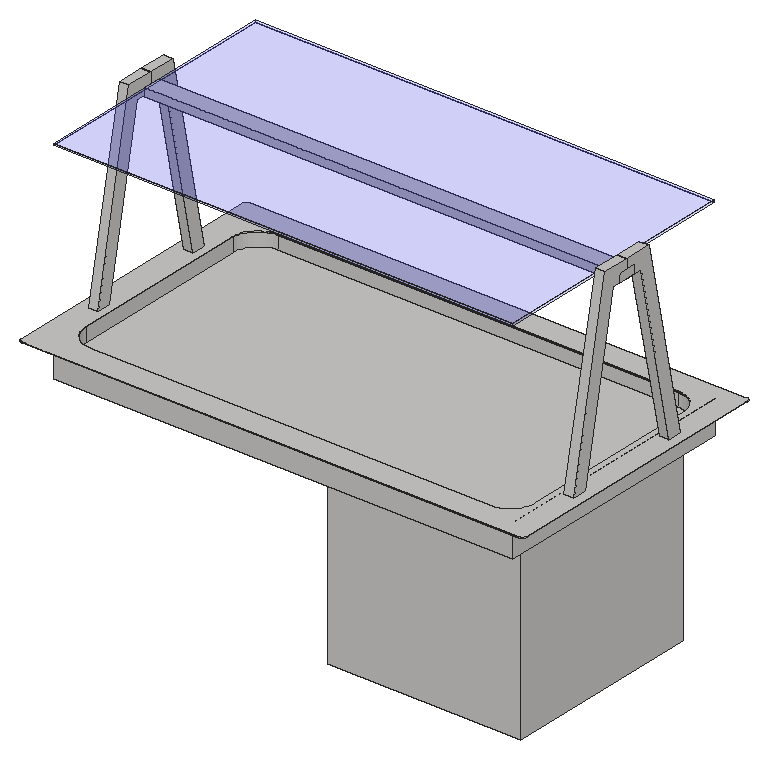
Revit family "QF_ELECTROLUXPROFESSIONAL_341172_D14C3O", category Attrezzature speciali, Revit 2020
Family settings
  Quota connettore circolare = Usa diametro
  Tipo di parte = Normale
  Basato su piano di lavoro = No
  Sempre verticale = Sì
  Taglio con vuoti quando caricato = No
  Condiviso = No
  Punto di calcolo locali = No
Parameters (values of type "Standard")
  Weight = 59.20 kg
  Watts = 0 W
  Volts = 220 V
  URL Manufacturer = "https://www.electroluxprofessional.com/"
  URL = "https://www.electroluxprofessional.com/"
  Steam Supply Size = 0 mm
  Steam Supply Minimum Pressure = 0.0 Pa
  Steam Supply Maximum Pressure = 0.0 Pa
  Steam Consumption per Hour = 0
  Refrigeration Suction Line Size = 0 mm
  Refrigeration Liquid Line Size = 0 mm
  Refrigerant Compressor Remote = yes
  Prospetto di default = 0 mm
  Produttore = "Electrolux Professional"
  Phase = 1
  Modello = "D14C3O"
  Length Actual = 1100 mm  # constant formula
  Item Number = "341172"
  Hot Water Size = 0 mm
  Height Actual = 794 mm  # constant formula
  HP = "0 HP"
  Gas Size = 0 mm
  Gas KW = 0
  Gas Input Pressure = 0 W
  Direct Waste Size = 0 mm
  Descrizione = "DROP-IN REFRIGERATED S/S SURFACE, 3GN WITH A TYPE OVERSHELF AND LED LIGHT"
  Depth Actual = 620 mm  # constant formula
  Cycle = 50 Hz
  Condensate Return Size = 0 mm
  Compressed Air Volume = 0.0 L/s
  Compressed Air Size = 0 mm
  Compressed Air Pressure = 0.0 Pa
  Cold Water Size = 0 mm
  Accessory = yes
Reference planes
  plane 1 "BACK": y = 0
  plane 2: z = 5.426
  plane 3 "LEFT": x = 0
  plane 4: y = -620
  plane 5: z = 409.426
  plane 6: y = -310
  plane 7: x = 1100
Forms (mm)
  Extrusion 1, solid, material "QF_Finishes_Stainless Steel"
    sketch origin (0, 0, 5.426) x (1, 0, 0) y (0, 1, 0)
      loop
        arc (10, 0) -> (2.929, -2.929) -> (0, -10) r 10
        line (0, -10) -> (0, -610)
        arc (0, -610) -> (2.929, -617.071) -> (10, -620) r 10
        line (10, -620) -> (1090, -620)
        arc (1090, -620) -> (1097.071, -617.071) -> (1100, -610) r 10
        line (1100, -610) -> (1100, -10)
        arc (1100, -10) -> (1097.071, -2.929) -> (1090, 0) r 10
        line (1090, 0) -> (10, 0)
    from 0 to 1
  Extrusion 2, solid, material "QF_Finishes_Stainless Steel"
    sketch origin (0, 0, 10.548) x (1, 0, 0) y (0, 1, 0)
      loop
        line (50, -35) -> (50, -585) -> (1050, -585) -> (1050, -35) -> (50, -35)
    from -77.122 to -5.122
  Extrusion 3, void
    sketch origin (0, 0, -2.817) x (1, 0, 0) y (0, 1, 0)
      loop
        arc (115, -55) -> (76.109, -71.109) -> (60, -110) r 55
        line (60, -110) -> (60, -510)
        arc (60, -510) -> (76.109, -548.891) -> (115, -565) r 55
        line (115, -565) -> (985, -565)
        arc (985, -565) -> (1023.891, -548.891) -> (1040, -510) r 55
        line (1040, -510) -> (1040, -110)
        arc (1040, -110) -> (1023.891, -71.109) -> (985, -55) r 55
        line (985, -55) -> (115, -55)
    from -21.077 to 9.244
  Extrusion 4, solid, material "QF_Finishes_Stainless Steel"
    sketch origin (21.5, -620, 0) x (0, -1, 0) y (0, 0, -1)
      loop
        line (-310, -409.426) -> (-250.873, -409.426) -> (-165, -5.426) -> (-195, -5.426) -> (-272.583, -370.426) -> (-310, -370.426) -> (-310, -409.426)
    from 0 to 20
  Extrusion 5, solid, material "QF_Finishes_Stainless Steel"
    sketch origin (21.5, 0, 0) x (0, 1, 0) y (0, 0, 1)
      loop
        line (-310, 409.426) -> (-310, 370.426) -> (-272.583, 370.426) -> (-195, 5.426) -> (-165, 5.426) -> (-250.873, 409.426) -> (-310, 409.426)
    from 0 to 20
  Extrusion 6, solid, material "QF_Finishes_Stainless Steel"
    sketch origin (1078, -620, 0) x (0, -1, 0) y (0, 0, 1)
      loop
        line (-310, 409.426) -> (-310, 370.426) -> (-272.583, 370.426) -> (-195, 5.426) -> (-165, 5.426) -> (-250.873, 409.426) -> (-310, 409.426)
    from 0 to 20
  Extrusion 7, solid, material "QF_Finishes_Stainless Steel"
    sketch origin (1078, 0, 0) x (0, 1, 0) y (0, 0, -1)
      loop
        line (-310, -409.426) -> (-250.873, -409.426) -> (-165, -5.426) -> (-195, -5.426) -> (-272.583, -370.426) -> (-310, -370.426) -> (-310, -409.426)
    from 0 to 20
  Extrusion 8, solid, material "QF_Finishes_Stainless Steel"
    sketch origin (0, 0, 0) x (0, 1, 0) y (0, 0, 1)
      loop
        line (-291.292, 370.426) -> (-291.292, 387.956) -> (-328.917, 387.956) -> (-328.917, 370.426) -> (-291.292, 370.426)
    from 21.5 to 1078
  Extrusion 9, solid, material "Vetro"
    sketch origin (0, 0, 5.426) x (1, 0, 0) y (0, 1, 0)
      loop
        line (50, -35) -> (50, -585) -> (1050, -585) -> (1050, -35) -> (50, -35)
    from 382.529 to 387.529
  Extrusion 10, solid, material "QF_Finishes_Stainless Steel"
    sketch origin (522.814, -169.308, -136.88) x (1, 0, 0) y (0, 1, 0)
      loop
        circle (-372.814, -140.692) r 12.7
    from 5 to 70.307
  Extrusion 11, solid, material "QF_Finishes_Stainless Steel"
    sketch origin (-298.186, 0, 0) x (1, 0, 0) y (0, 0, 1)
      loop
        line (1313.186, -66.574) -> (893.186, -66.574) -> (893.186, -459.574) -> (1313.186, -459.574) -> (1313.186, -66.574)
    from 79.471 to 519.252
Cuts and joins
  Extrusion 3 cuts Extrusion 1
  Extrusion 3 cuts Extrusion 2
Dimensions and locks
  equal spacing: Extrusion 1, Extrusion 2 sketch curve, Extrusion 2 sketch curve, Extrusion 1  (x2)
  Extrusion 1 to Extrusion 1 = 1100 mm
  Extrusion 1 to plane 1 "BACK" = 620 mm
  equal spacing: Extrusion 2, Extrusion 3 sketch curve, Extrusion 3 sketch curve, Extrusion 2  (x2)
  plane 5 to plane 2 = 404 mm
  aligned and locked: level to plane 2
Connectors
  piping at (150, -310, -131.88), diameter 25.4
    settings: on Extrusion 10, index 5, connector inside diameter 609.6 mm, connector length 0 mm, flow factor 0, pipe flow 0.0 L/s, pressure drop 0.0 Pa, fitting loss kfactor 0, connector angle 0.00°, fixture units 0, engagement length 0 mm, angle of deflection 0.00°, flow configuration 0, flow direction 0, fitting loss method 0, system type 29, joint type 0, gender type 0, connector reference index -1, connector utility 0, adjustable connector no, is connector primary yes, connector description "D"
